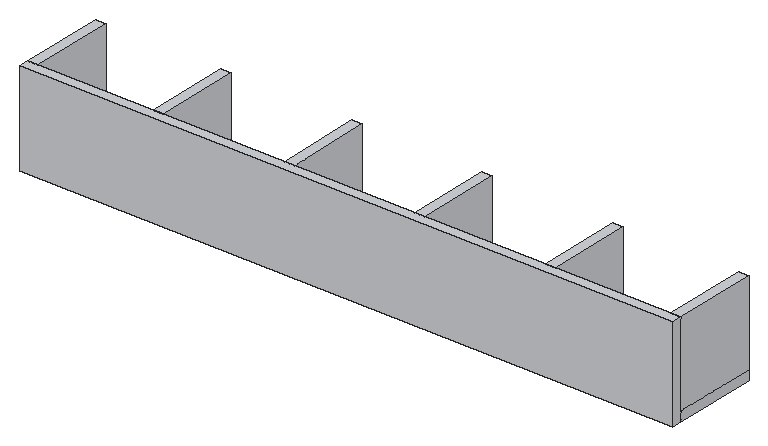
Revit family
Parameters (values of type "1180 x 170 x 170mm")
  URL = ""
  Type Comments = ""
  Model = ""
  Material = none
  Manufacturer = "Revit"
  Description = "Shelf"
  Cost = 0
  Assembly Code = "E2020200"
Reference planes
  plane 1 "Wall": y = 0
  plane 2 "Center (Left/Right)": x = -19.78
  plane 3 "Back": y = 75
  plane 4: x = -609.78
  plane 5: x = 570.22
  plane 6: y = 245
  plane 7: z = 1700
  plane 8: z = 1870
  plane 9: x = 334.22
  plane 10: x = 98.22
  plane 11: x = -137.78
  plane 12: x = -373.78
  plane 13: y = 93
Forms (mm)
  Extrusion 1, solid, material <- "Material"
    sketch origin (0, 0, 0) x (1, 0, 0) y (0, 0, 1)
      loop
        line (570.22, 1700) -> (570.22, 1718) -> (-609.78, 1718) -> (-609.78, 1700) -> (570.22, 1700)
    from -245 to -93
  Extrusion 2, solid, material <- "Material"
    sketch origin (0, 0, 0) x (1, 0, 0) y (0, 0, 1)
      loop
        line (570.22, 1870) -> (552.22, 1870) -> (552.22, 1718) -> (570.22, 1718) -> (570.22, 1870)
      loop
        line (343.22, 1870) -> (325.22, 1870) -> (325.22, 1718) -> (343.22, 1718) -> (343.22, 1870)
      loop
        line (107.22, 1870) -> (89.22, 1870) -> (89.22, 1718) -> (107.22, 1718) -> (107.22, 1870)
      loop
        line (-128.78, 1870) -> (-146.78, 1870) -> (-146.78, 1718) -> (-128.78, 1718) -> (-128.78, 1870)
      loop
        line (-364.78, 1870) -> (-382.78, 1870) -> (-382.78, 1718) -> (-364.78, 1718) -> (-364.78, 1870)
      loop
        line (-609.78, 1870) -> (-609.78, 1718) -> (-591.78, 1718) -> (-591.78, 1870) -> (-609.78, 1870)
    from -245 to -93
  Extrusion 3, solid, material <- "Material"
    sketch origin (0, 0, 0) x (1, 0, 0) y (0, 0, 1)
      loop
        line (570.22, 1870) -> (-609.78, 1870) -> (-609.78, 1700) -> (570.22, 1700) -> (570.22, 1870)
    from -93 to -75
Text (mm)
  text "Placement side" at (-1848.837, 1116.779, 0), in view "Ref. Level"
  text "Placement side" at (0, 1409.804, 2854.306), in view "Left"
  text "Placement side" at (0, 499.811, 2980.732), in view "Right"
Dimensions and locks
  locked: plane 3 "Back" to host wall
  equal spacing: plane 4, plane 2 "Center (Left/Right)", plane 5
  locked: plane 4 to plane 5 at 1180
  locked: plane 3 "Back" to plane 6 at 170
  equal spacing: plane 4, plane 12, plane 11, plane 10, plane 9, plane 5
  locked: plane 3 "Back" to plane 13 at 18
  aligned and locked: Extrusion 1 sketch curve to plane 7
  aligned and locked: Extrusion 1 sketch curve to plane 4
  aligned and locked: Extrusion 1 to plane 6
  aligned and locked: plane 13 to Extrusion 1
  aligned and locked: Extrusion 2 sketch curve to plane 8
  aligned and locked: Extrusion 2 sketch curve to Extrusion 1
  aligned and locked: Extrusion 2 to plane 6
  aligned and locked: Extrusion 2 to Extrusion 1
  aligned and locked: Extrusion 3 sketch curve to Extrusion 2  (x2)
  aligned and locked: Extrusion 1 to Extrusion 3 sketch curve
  aligned and locked: Extrusion 3 sketch curve to Extrusion 1
  aligned and locked: Extrusion 3 to plane 13
  aligned and locked: plane 3 "Back" to Extrusion 3
  aligned and locked: Extrusion 2 to plane 8
